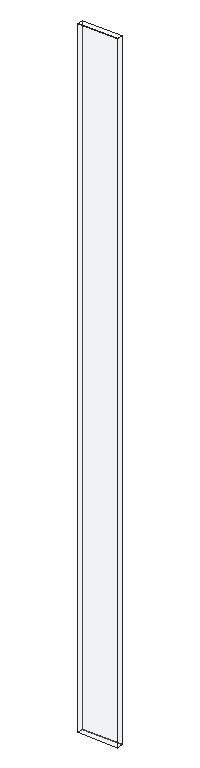
Revit family "Panel_Concave", category Curtain Panels, Revit 2024
Family settings
  Always vertical = Yes
  Cut with Voids When Loaded = No
  Shared = No
Parameters (values of type "3000mm Radius")
  Radius = 3000 mm
  Panel = _Default - Glass - Interior Vision
  EA_Repath [instance] = 0 mm
  Define Thermal Properties by = Schematic Type
  Assembly Code = ""
  Analytic Construction = "<None>"
Reference planes
  plane 1 "Front": y = 0
  plane 2: z = 0
  plane 3 "Center (Left/Right)": x = 476.223
  plane 4 "Left": x = 400.023
  plane 5 "Right": x = 552.423
  plane 6 "Top": z = 2438.4
Forms (mm)
  Extrusion 1, solid, material "_Default - Glass - Interior Vision" <- "Panel"
    sketch origin (0, -25.759, 0) x (1, 0, 0) y (0, 1, 0)
      loop
        arc (400.023, 0) -> (476.223, -0.968) -> (552.423, 0) r 3000
        line (552.423, 0) -> (552.423, 25.759)
        arc (552.423, 25.759) -> (476.223, 24.783) -> (400.023, 25.759) r 2974.249
        line (400.023, 25.759) -> (400.023, 0)
    from 0 to 2438.4
Text (mm)
  text "Exterior" at (-1379.057, 797.241, 0), in view "Ref. Level"
  text "Exterior" at (12192, 1055.114, 2275.943), in view "Right"
  text "Exterior" at (-6096, 1468.734, 2687.031), in view "Left"
Dimensions and locks
  equal spacing: plane 4 "Left", plane 3 "Center (Left/Right)", plane 5 "Right"
  "Radius": radius of Extrusion 1 sketch curve
  aligned and locked: Extrusion 1 to plane 6 "Top"
  aligned and locked: Extrusion 1 to level
Automatic sketch dimensions
  Extrusion 1 sketch curve to Extrusion 1 sketch curve = 0 mm  (x2)
  Extrusion 1 sketch curve to plane 4 "Left" = 0 mm
  Extrusion 1 sketch curve to plane 3 "Center (Left/Right)" = 0 mm
  plane 1 "Front" to Extrusion 1 sketch curve = 25.759 mm
  Extrusion 1 sketch curve to plane 1 "Front" = 0 mm
  plane 5 "Right" to Extrusion 1 sketch curve = 0 mm
